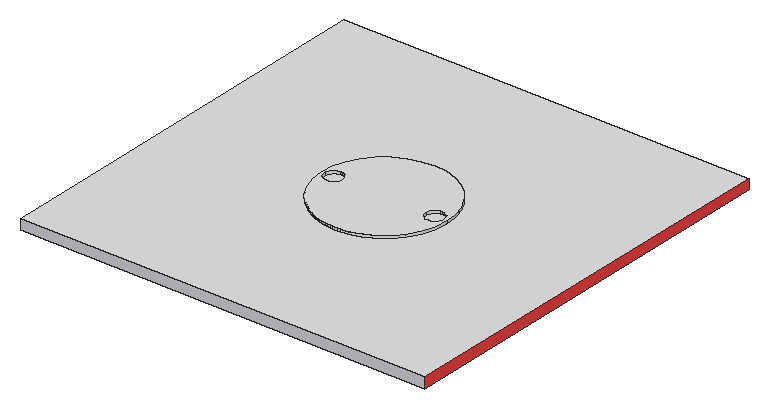
Revit family "PRESTO ECO XT-UE", category Aparatos sanitarios, Revit 2015
Parameters (values of type "11708")
  URL = "http://www.prestoiberica.com/urinario/temporizada-xt/presto-eco-xt-ue?c=es"
  Teléfono = "(+34) 915 782 575"
  TIPO DE AGUA = "Fria"
  REFERENCIA = "11708"
  Presión Máxima = ""
  PESO BRUTO = "0.481  Kg"
  Keynote = ""
  Modelo = "PRESTO ECO XT UE"
  Material = LATON CROMADO
  Imagen de tipo = <Ninguno>
  Fabricante = "PRESTO IBÉRICA"
  Default Elevation = 1219.2 mm
  ENTRADA = "Macho y Hembra 1/2\""
  Descripción = "Grifo temporizado ecológico de un agua para instalación empotrada con cuerpo de latón cromado."
  Código de montaje = "C1030220"
  Contacto = "info@prestoiberica.com"
  Conexión AF = yes
  Conexión AC = yes
  Comentarios de tipo = "◦Cabeza intercambiable que comprende todo el mecanismo del grifo\r\n◦Cuerpo y pulsador en latón cromado, piezas interiores en materiales resistentes a la corrosión y a las incrustaciones calcáreas\r\n◦Tornillos en acero inoxidable."
  CIERRE = "Automático en 5 seg."
  CAUDAL = "5 L/Min"
  Accionamiento = "Por pulsador"
Reference planes
  plane 1 "Centro (Frontal/Posterior)": y = 0
  plane 2: z = 0
  plane 3 "Centro (Izquierda/Derecha)": x = 0
  plane 4 "1": z = 28.7
Forms (mm)
  Extrusion 1, solid
    sketch origin (0, 0, 0) x (1, 0, 0) y (0, 1, 0)
      loop
        line (-100, 100) -> (-100, -100) -> (100, -100) -> (100, 100) -> (-100, 100)
    from 0 to -5
  Extrusion 2, solid, material "LATON CROMADO"
    sketch origin (0, 0, 0) x (1, 0, 0) y (0, 1, 0)
      loop
        circle (0, 0) r 31
      loop
        circle (-25.025, 0) r 4.457
      loop
        circle (25.025, 0) r 4.457
    from -6.956 to 1
Dimensions and locks
  Extrusion 1 sketch curve to plane 1 "Centro (Frontal/Posterior)" = 100 mm
  aligned and locked: plane 2 to Extrusion 1
  aligned and locked: level to Extrusion 1
